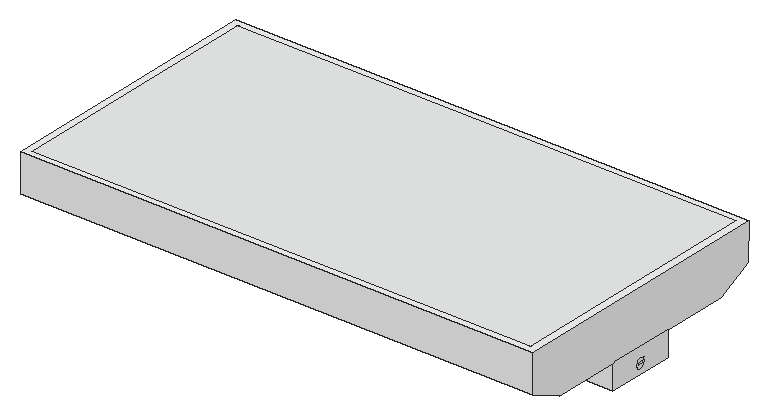
Revit family "CHB", category Lighting Fixtures, host Face, Revit 2014
Parameters (values of type "LX")
  Y = X - 5.080 mm  # 34.925 mm
  X = Box Width / 2  # 40.005 mm
  Width = 319.024 mm
  Wattage Comments = "87.7 W/132.6 W/172.7 W/211.9 W"  # constant formula
  Wattage = 168 W
  Warranty = "Five year warranty (Terms and Conditions Apply)"  # constant formula
  built-in parameter 1150110 = 1 (stored number, unit not read)
  Voltage [instance] = 120 V
  URL = "http://www.hubbellindustrial.com/"
  built-in parameter 1114217 = 1 (stored number, unit not read)
  Tilt Angle = -90.00°
  built-in parameter 1150109 = 1 (stored number, unit not read)
  built-in parameter 1150134 = 12
  built-in parameter 1150113 = 1 (stored number, unit not read)
  Reflector Finish = Hubbell - White Glass
  Product Page URL = "https://www.hubbell.com/hubbelllightingci/en/Products/Lighting-Controls/Industrial-Lighting/Linear-Lighting/CHB-Linear-High-Bay/p/2859555"
  Product Material = Paint - Hubbell - Matte White
  Product Documentation Link = "https://hubbellcdn.com/specsheet/COL_CHB_SPEC.pdf"
  Photometric Web File = "CHB2-40LX-FA-EDU.ies"
  Pendant Length [instance] = 1219.200 mm
  More Photometric Link = "https://www.hubbell.com/hubbelllightingci/en/Products/Lighting-Controls/Industrial-Lighting/Linear-Lighting/CHB-Linear-High-Bay/p/2859555#prod-detail-section"
  Model = "UHB2"  # constant formula
  Manufacturer = "Hubbell Industrial Lighting"  # constant formula
  built-in parameter 1150105 = 2272.7 (stored number, unit not read)
  Lumens = 28560 lm
  built-in parameter 1150115 = 1 (stored number, unit not read)
  Load Classification = Lighting
  built-in parameter 1150137 = (empty or 0)
  built-in parameter 1150139 = (empty or 0)
  Length = 605.028 mm
  built-in parameter 1150112 = 1 (stored number, unit not read)
  built-in parameter 1150114 = 1 (stored number, unit not read)
  Lamp = "LED"
  built-in parameter 1150132 = (empty or 0)
  built-in parameter 1150102 = (empty or 0)
  built-in parameter 1150107 = 4000 (stored number, unit not read)
  built-in parameter 1150138 = (empty or 0)
  built-in parameter 1150106 = 22.727 (stored number, unit not read)
  Height = 92.456 mm
  Features = "Lumen packages range from 11,000 to 27,000 lumens in a 2ft housing\r\n• Frosted acrylic lens\r\n• LED light engine provides nominal efficacies of 130 lm/w\r\n• 0-10V dimming to 10%\r\n• -20°C up to 50°C ambient operation; see table for details\r\n• Universal voltage standard (120-277V); 347V, 480V optional\r\n• 80+ CRI\r\n• 6kV surge protection\r\n• Long life LEDs with projected life over 122,000 hours at L70\r\n• DLC® (DesignLights Consortium) Premium Qualified - see www.designlights.org"  # constant formula
  Emit from Rectangle Width = Width  # 319.024 mm
  Emit from Rectangle Length = 604.520 mm  # constant formula
  Emit Shape Visible in Rendering = no
  built-in parameter 1150104 = 15.794 (stored number, unit not read)
  Dimming Lamp Color Temperature Shift = <None>
  Description = "2' LED High Bay"  # constant formula
  Default Elevation = 1219.200 mm
  Contact us = "https://www.hubbell.com/hubbelllightingci/en/contactUs?productId=2859555"
  Connector Description = "Lighting Connector"  # constant formula
  Color Filter = 16777215
  Certificate = "All luminaires are built to UL1598 standards, and bear appropriate cULus labels for damp\r\nlocation"  # constant formula
  Bracket material = Paint - Hubbell -  Black
  Box Width = 80.010 mm
  built-in parameter 1114218 = 1 (stored number, unit not read)
  built-in parameter 1150133 = 10 (stored number, unit not read)
  Apparent Load = 100 VA
Types (4, lengths in mm): name | Y | X | Width | Height | Emit from Rectangle Width | Box Width
  (no name) | 34.925 | 40.005 | 319.024 | 92.456 | 319.024 | 80.010
  LX | 34.925 | 40.005 | 319.024 | 92.456 | 319.024 | 80.010
  ML,MH | 69.977 | 75.057 | 319.024 | 101.346 | 319.024 | 150.114
  MV | 69.977 | 75.057 | 439.928 | 101.346 | 439.928 | 150.114
Reference planes
  plane 1 "Center (Front/Back)": y = 0
  plane 2: z = 0
  plane 3 "Center (Left/Right)": x = 0
  plane 4: y = 159.512
  plane 5: y = -159.512
  plane 6: x = 302.514
  plane 7: x = -302.514
  plane 8: z = 92.456
  plane 9: y = -40.005
  plane 10: y = 40.005
Forms (mm)
  Extrusion 1, solid, material "Paint - Hubbell - Matte White" <- "Product Material"
    sketch origin (0, 0, 92.456) x (0, 1, 0) y (0, 0, -1)
      loop
        line (159.512, 0) -> (159.512, 44.226) -> (118.659, 63.276) -> (-118.659, 63.276) -> (-159.512, 44.226) -> (-159.512, 0) -> (159.512, 0)
    from -302.514 to 302.514
  Extrusion 2, solid, material "Hubbell - White Glass" <- "Reflector Finish"
    sketch origin (0, 0, 29.18) x (1, 0, 0) y (0, 1, 0)
      loop
        line (-294.894, 151.892) -> (-294.894, -151.892) -> (294.894, -151.892) -> (294.894, 151.892) -> (-294.894, 151.892)
    from 63.276 to 63.5
  Extrusion 3, solid, material "Paint - Hubbell - Matte White" <- "Product Material"
    sketch origin (0, 0, 0) x (0, 1, 0) y (0, 0, 1)
      loop
        line (-40.005, 29.18) -> (-40.005, 0) -> (40.005, 0) -> (40.005, 29.18) -> (-40.005, 29.18)
    from -302.514 to 302.514
  Extrusion 4, void
    sketch origin (0, 0, 0) x (0, 1, 0) y (0, 0, 1)
      loop
        circle (0, 11.64) r 6.35
      loop
        line (-2.641, 12.846) -> (-2.641, 10.53) -> (2.652, 10.53) -> (2.652, 12.846) -> (-2.641, 12.846)
    from 302.26 to 304.8
  Extrusion 5, void
    sketch origin (0, 0, -15.875) x (1, 0, 0) y (0, 0, 1)
      loop
        circle (-219.788, 29.18) r 12.7
      loop
        arc (-185.407, 18.819) -> (-183.258, 16.67) -> (-181.109, 18.819) r 2.149
        line (-181.109, 18.819) -> (-181.109, 38.35)
        arc (-181.109, 38.35) -> (-183.258, 40.498) -> (-185.407, 38.35) r 2.149
        line (-185.407, 38.35) -> (-185.407, 18.819)
      loop
        arc (-177.349, 18.819) -> (-175.2, 16.67) -> (-173.051, 18.819) r 2.149
        line (-173.051, 18.819) -> (-173.051, 38.35)
        arc (-173.051, 38.35) -> (-175.2, 40.498) -> (-177.349, 38.35) r 2.149
        line (-177.349, 38.35) -> (-177.349, 18.819)
      loop
        arc (-169.174, 18.819) -> (-167.025, 16.67) -> (-164.876, 18.819) r 2.149
        line (-164.876, 18.819) -> (-164.876, 38.35)
        arc (-164.876, 38.35) -> (-167.025, 40.498) -> (-169.174, 38.35) r 2.149
        line (-169.174, 38.35) -> (-169.174, 18.819)
      loop
        arc (-161.116, 18.819) -> (-158.967, 16.67) -> (-156.818, 18.819) r 2.149
        line (-156.818, 18.819) -> (-156.818, 38.35)
        arc (-156.818, 38.35) -> (-158.967, 40.498) -> (-161.116, 38.35) r 2.149
        line (-161.116, 38.35) -> (-161.116, 18.819)
      loop
        arc (-153.009, 18.819) -> (-150.86, 16.67) -> (-148.712, 18.819) r 2.149
        line (-148.712, 18.819) -> (-148.712, 38.35)
        arc (-148.712, 38.35) -> (-150.86, 40.498) -> (-153.009, 38.35) r 2.149
        line (-153.009, 38.35) -> (-153.009, 18.819)
      loop
        arc (-144.951, 18.819) -> (-142.803, 16.67) -> (-140.654, 18.819) r 2.149
        line (-140.654, 18.819) -> (-140.654, 38.35)
        arc (-140.654, 38.35) -> (-142.803, 40.498) -> (-144.951, 38.35) r 2.149
        line (-144.951, 38.35) -> (-144.951, 18.819)
      loop
        arc (-117.758, 18.819) -> (-115.609, 16.67) -> (-113.46, 18.819) r 2.149
        line (-113.46, 18.819) -> (-113.46, 38.35)
        arc (-113.46, 38.35) -> (-115.609, 40.498) -> (-117.758, 38.35) r 2.149
        line (-117.758, 38.35) -> (-117.758, 18.819)
      loop
        arc (-109.7, 18.819) -> (-107.551, 16.67) -> (-105.402, 18.819) r 2.149
        line (-105.402, 18.819) -> (-105.402, 38.35)
        arc (-105.402, 38.35) -> (-107.551, 40.498) -> (-109.7, 38.35) r 2.149
        line (-109.7, 38.35) -> (-109.7, 18.819)
      loop
        arc (-101.525, 18.819) -> (-99.376, 16.67) -> (-97.227, 18.819) r 2.149
        line (-97.227, 18.819) -> (-97.227, 38.35)
        arc (-97.227, 38.35) -> (-99.376, 40.498) -> (-101.525, 38.35) r 2.149
        line (-101.525, 38.35) -> (-101.525, 18.819)
      loop
        arc (-93.467, 18.819) -> (-91.318, 16.67) -> (-89.17, 18.819) r 2.149
        line (-89.17, 18.819) -> (-89.17, 38.35)
        arc (-89.17, 38.35) -> (-91.318, 40.498) -> (-93.467, 38.35) r 2.149
        line (-93.467, 38.35) -> (-93.467, 18.819)
      loop
        arc (-85.36, 18.819) -> (-83.212, 16.67) -> (-81.063, 18.819) r 2.149
        line (-81.063, 18.819) -> (-81.063, 38.35)
        arc (-81.063, 38.35) -> (-83.212, 40.498) -> (-85.36, 38.35) r 2.149
        line (-85.36, 38.35) -> (-85.36, 18.819)
      loop
        arc (-77.303, 18.819) -> (-75.154, 16.67) -> (-73.005, 18.819) r 2.149
        line (-73.005, 18.819) -> (-73.005, 38.35)
        arc (-73.005, 38.35) -> (-75.154, 40.498) -> (-77.303, 38.35) r 2.149
        line (-77.303, 38.35) -> (-77.303, 18.819)
      loop
        circle (-28.682, 24.619) r 4.083
      loop
        circle (222.963, 29.18) r 12.7
      loop
        line (188.582, 18.819) -> (188.582, 38.35)
        arc (188.582, 38.35) -> (186.433, 40.498) -> (184.284, 38.35) r 2.149
        line (184.284, 38.35) -> (184.284, 18.819)
        arc (184.284, 18.819) -> (186.433, 16.67) -> (188.582, 18.819) r 2.149
      loop
        line (180.524, 18.819) -> (180.524, 38.35)
        arc (180.524, 38.35) -> (178.375, 40.498) -> (176.226, 38.35) r 2.149
        line (176.226, 38.35) -> (176.226, 18.819)
        arc (176.226, 18.819) -> (178.375, 16.67) -> (180.524, 18.819) r 2.149
      loop
        line (172.349, 18.819) -> (172.349, 38.35)
        arc (172.349, 38.35) -> (170.2, 40.498) -> (168.051, 38.35) r 2.149
        line (168.051, 38.35) -> (168.051, 18.819)
        arc (168.051, 18.819) -> (170.2, 16.67) -> (172.349, 18.819) r 2.149
      loop
        line (164.291, 18.819) -> (164.291, 38.35)
        arc (164.291, 38.35) -> (162.142, 40.498) -> (159.993, 38.35) r 2.149
        line (159.993, 38.35) -> (159.993, 18.819)
        arc (159.993, 18.819) -> (162.142, 16.67) -> (164.291, 18.819) r 2.149
      loop
        line (156.184, 18.819) -> (156.184, 38.35)
        arc (156.184, 38.35) -> (154.035, 40.498) -> (151.887, 38.35) r 2.149
        line (151.887, 38.35) -> (151.887, 18.819)
        arc (151.887, 18.819) -> (154.035, 16.67) -> (156.184, 18.819) r 2.149
      loop
        line (148.126, 18.819) -> (148.126, 38.35)
        arc (148.126, 38.35) -> (145.978, 40.498) -> (143.829, 38.35) r 2.149
        line (143.829, 38.35) -> (143.829, 18.819)
        arc (143.829, 18.819) -> (145.978, 16.67) -> (148.126, 18.819) r 2.149
      loop
        line (120.933, 18.819) -> (120.933, 38.35)
        arc (120.933, 38.35) -> (118.784, 40.498) -> (116.635, 38.35) r 2.149
        line (116.635, 38.35) -> (116.635, 18.819)
        arc (116.635, 18.819) -> (118.784, 16.67) -> (120.933, 18.819) r 2.149
      loop
        line (112.875, 18.819) -> (112.875, 38.35)
        arc (112.875, 38.35) -> (110.726, 40.498) -> (108.577, 38.35) r 2.149
        line (108.577, 38.35) -> (108.577, 18.819)
        arc (108.577, 18.819) -> (110.726, 16.67) -> (112.875, 18.819) r 2.149
      loop
        line (104.7, 18.819) -> (104.7, 38.35)
        arc (104.7, 38.35) -> (102.551, 40.498) -> (100.402, 38.35) r 2.149
        line (100.402, 38.35) -> (100.402, 18.819)
        arc (100.402, 18.819) -> (102.551, 16.67) -> (104.7, 18.819) r 2.149
      loop
        line (96.642, 18.819) -> (96.642, 38.35)
        arc (96.642, 38.35) -> (94.493, 40.498) -> (92.345, 38.35) r 2.149
        line (92.345, 38.35) -> (92.345, 18.819)
        arc (92.345, 18.819) -> (94.493, 16.67) -> (96.642, 18.819) r 2.149
      loop
        line (88.535, 18.819) -> (88.535, 38.35)
        arc (88.535, 38.35) -> (86.387, 40.498) -> (84.238, 38.35) r 2.149
        line (84.238, 38.35) -> (84.238, 18.819)
        arc (84.238, 18.819) -> (86.387, 16.67) -> (88.535, 18.819) r 2.149
      loop
        line (80.478, 18.819) -> (80.478, 38.35)
        arc (80.478, 38.35) -> (78.329, 40.498) -> (76.18, 38.35) r 2.149
        line (76.18, 38.35) -> (76.18, 18.819)
        arc (76.18, 18.819) -> (78.329, 16.67) -> (80.478, 18.819) r 2.149
      loop
        circle (31.857, 24.619) r 4.083
      loop
        circle (257.094, 29.18) r 12.7
      loop
        line (219.261, 31.31) -> (219.261, 26.015) -> (228.272, 26.015) -> (228.272, 31.31) -> (219.261, 31.31)
      loop
        line (253.262, 31.31) -> (253.262, 26.015) -> (261.623, 26.015) -> (261.623, 31.31) -> (253.262, 31.31)
      loop
        line (-223.639, 29.18) -> (-223.639, 26.608) -> (-215.627, 26.608) -> (-215.627, 29.18) -> (-223.639, 29.18)
    from 34.925 <- "Y" to 40.005 <- "X"
  Extrusion 6, void
    sketch origin (0, 0, -15.875) x (1, 0, 0) y (0, 0, -1)
      loop
        circle (-219.788, -29.18) r 12.7
      loop
        line (-185.407, -18.819) -> (-185.407, -38.35)
        arc (-185.407, -38.35) -> (-183.258, -40.498) -> (-181.109, -38.35) r 2.149
        line (-181.109, -38.35) -> (-181.109, -18.819)
        arc (-181.109, -18.819) -> (-183.258, -16.67) -> (-185.407, -18.819) r 2.149
      loop
        line (-177.349, -18.819) -> (-177.349, -38.35)
        arc (-177.349, -38.35) -> (-175.2, -40.498) -> (-173.051, -38.35) r 2.149
        line (-173.051, -38.35) -> (-173.051, -18.819)
        arc (-173.051, -18.819) -> (-175.2, -16.67) -> (-177.349, -18.819) r 2.149
      loop
        line (-169.174, -18.819) -> (-169.174, -38.35)
        arc (-169.174, -38.35) -> (-167.025, -40.498) -> (-164.876, -38.35) r 2.149
        line (-164.876, -38.35) -> (-164.876, -18.819)
        arc (-164.876, -18.819) -> (-167.025, -16.67) -> (-169.174, -18.819) r 2.149
      loop
        line (-161.116, -18.819) -> (-161.116, -38.35)
        arc (-161.116, -38.35) -> (-158.967, -40.498) -> (-156.818, -38.35) r 2.149
        line (-156.818, -38.35) -> (-156.818, -18.819)
        arc (-156.818, -18.819) -> (-158.967, -16.67) -> (-161.116, -18.819) r 2.149
      loop
        line (-153.009, -18.819) -> (-153.009, -38.35)
        arc (-153.009, -38.35) -> (-150.86, -40.498) -> (-148.712, -38.35) r 2.149
        line (-148.712, -38.35) -> (-148.712, -18.819)
        arc (-148.712, -18.819) -> (-150.86, -16.67) -> (-153.009, -18.819) r 2.149
      loop
        line (-144.951, -18.819) -> (-144.951, -38.35)
        arc (-144.951, -38.35) -> (-142.803, -40.498) -> (-140.654, -38.35) r 2.149
        line (-140.654, -38.35) -> (-140.654, -18.819)
        arc (-140.654, -18.819) -> (-142.803, -16.67) -> (-144.951, -18.819) r 2.149
      loop
        line (-117.758, -18.819) -> (-117.758, -38.35)
        arc (-117.758, -38.35) -> (-115.609, -40.498) -> (-113.46, -38.35) r 2.149
        line (-113.46, -38.35) -> (-113.46, -18.819)
        arc (-113.46, -18.819) -> (-115.609, -16.67) -> (-117.758, -18.819) r 2.149
      loop
        line (-109.7, -18.819) -> (-109.7, -38.35)
        arc (-109.7, -38.35) -> (-107.551, -40.498) -> (-105.402, -38.35) r 2.149
        line (-105.402, -38.35) -> (-105.402, -18.819)
        arc (-105.402, -18.819) -> (-107.551, -16.67) -> (-109.7, -18.819) r 2.149
      loop
        line (-101.525, -18.819) -> (-101.525, -38.35)
        arc (-101.525, -38.35) -> (-99.376, -40.498) -> (-97.227, -38.35) r 2.149
        line (-97.227, -38.35) -> (-97.227, -18.819)
        arc (-97.227, -18.819) -> (-99.376, -16.67) -> (-101.525, -18.819) r 2.149
      loop
        line (-93.467, -18.819) -> (-93.467, -38.35)
        arc (-93.467, -38.35) -> (-91.318, -40.498) -> (-89.17, -38.35) r 2.149
        line (-89.17, -38.35) -> (-89.17, -18.819)
        arc (-89.17, -18.819) -> (-91.318, -16.67) -> (-93.467, -18.819) r 2.149
      loop
        line (-85.36, -18.819) -> (-85.36, -38.35)
        arc (-85.36, -38.35) -> (-83.212, -40.498) -> (-81.063, -38.35) r 2.149
        line (-81.063, -38.35) -> (-81.063, -18.819)
        arc (-81.063, -18.819) -> (-83.212, -16.67) -> (-85.36, -18.819) r 2.149
      loop
        line (-77.303, -18.819) -> (-77.303, -38.35)
        arc (-77.303, -38.35) -> (-75.154, -40.498) -> (-73.005, -38.35) r 2.149
        line (-73.005, -38.35) -> (-73.005, -18.819)
        arc (-73.005, -18.819) -> (-75.154, -16.67) -> (-77.303, -18.819) r 2.149
      loop
        circle (-28.682, -24.619) r 4.083
      loop
        circle (222.963, -29.18) r 12.7
      loop
        arc (188.582, -18.819) -> (186.433, -16.67) -> (184.284, -18.819) r 2.149
        line (184.284, -18.819) -> (184.284, -38.35)
        arc (184.284, -38.35) -> (186.433, -40.498) -> (188.582, -38.35) r 2.149
        line (188.582, -38.35) -> (188.582, -18.819)
      loop
        arc (180.524, -18.819) -> (178.375, -16.67) -> (176.226, -18.819) r 2.149
        line (176.226, -18.819) -> (176.226, -38.35)
        arc (176.226, -38.35) -> (178.375, -40.498) -> (180.524, -38.35) r 2.149
        line (180.524, -38.35) -> (180.524, -18.819)
      loop
        arc (172.349, -18.819) -> (170.2, -16.67) -> (168.051, -18.819) r 2.149
        line (168.051, -18.819) -> (168.051, -38.35)
        arc (168.051, -38.35) -> (170.2, -40.498) -> (172.349, -38.35) r 2.149
        line (172.349, -38.35) -> (172.349, -18.819)
      loop
        arc (164.291, -18.819) -> (162.142, -16.67) -> (159.993, -18.819) r 2.149
        line (159.993, -18.819) -> (159.993, -38.35)
        arc (159.993, -38.35) -> (162.142, -40.498) -> (164.291, -38.35) r 2.149
        line (164.291, -38.35) -> (164.291, -18.819)
      loop
        arc (156.184, -18.819) -> (154.035, -16.67) -> (151.887, -18.819) r 2.149
        line (151.887, -18.819) -> (151.887, -38.35)
        arc (151.887, -38.35) -> (154.035, -40.498) -> (156.184, -38.35) r 2.149
        line (156.184, -38.35) -> (156.184, -18.819)
      loop
        arc (148.126, -18.819) -> (145.978, -16.67) -> (143.829, -18.819) r 2.149
        line (143.829, -18.819) -> (143.829, -38.35)
        arc (143.829, -38.35) -> (145.978, -40.498) -> (148.126, -38.35) r 2.149
        line (148.126, -38.35) -> (148.126, -18.819)
      loop
        arc (120.933, -18.819) -> (118.784, -16.67) -> (116.635, -18.819) r 2.149
        line (116.635, -18.819) -> (116.635, -38.35)
        arc (116.635, -38.35) -> (118.784, -40.498) -> (120.933, -38.35) r 2.149
        line (120.933, -38.35) -> (120.933, -18.819)
      loop
        arc (112.875, -18.819) -> (110.726, -16.67) -> (108.577, -18.819) r 2.149
        line (108.577, -18.819) -> (108.577, -38.35)
        arc (108.577, -38.35) -> (110.726, -40.498) -> (112.875, -38.35) r 2.149
        line (112.875, -38.35) -> (112.875, -18.819)
      loop
        arc (104.7, -18.819) -> (102.551, -16.67) -> (100.402, -18.819) r 2.149
        line (100.402, -18.819) -> (100.402, -38.35)
        arc (100.402, -38.35) -> (102.551, -40.498) -> (104.7, -38.35) r 2.149
        line (104.7, -38.35) -> (104.7, -18.819)
      loop
        arc (96.642, -18.819) -> (94.493, -16.67) -> (92.345, -18.819) r 2.149
        line (92.345, -18.819) -> (92.345, -38.35)
        arc (92.345, -38.35) -> (94.493, -40.498) -> (96.642, -38.35) r 2.149
        line (96.642, -38.35) -> (96.642, -18.819)
      loop
        arc (88.535, -18.819) -> (86.387, -16.67) -> (84.238, -18.819) r 2.149
        line (84.238, -18.819) -> (84.238, -38.35)
        arc (84.238, -38.35) -> (86.387, -40.498) -> (88.535, -38.35) r 2.149
        line (88.535, -38.35) -> (88.535, -18.819)
      loop
        arc (80.478, -18.819) -> (78.329, -16.67) -> (76.18, -18.819) r 2.149
        line (76.18, -18.819) -> (76.18, -38.35)
        arc (76.18, -38.35) -> (78.329, -40.498) -> (80.478, -38.35) r 2.149
        line (80.478, -38.35) -> (80.478, -18.819)
      loop
        circle (31.857, -24.619) r 4.083
      loop
        circle (257.094, -29.18) r 12.7
      loop
        line (219.261, -31.31) -> (228.272, -31.31) -> (228.272, -26.015) -> (219.261, -26.015) -> (219.261, -31.31)
      loop
        line (253.262, -31.31) -> (261.623, -31.31) -> (261.623, -26.015) -> (253.262, -26.015) -> (253.262, -31.31)
      loop
        line (-223.639, -29.18) -> (-215.627, -29.18) -> (-215.627, -26.608) -> (-223.639, -26.608) -> (-223.639, -29.18)
    from 34.925 <- "Y" to 40.005 <- "X"
  Extrusion 7, void
    sketch origin (0, 0, 0) x (0, 1, 0) y (0, 0, -1)
      loop
        circle (0, -11.64) r 6.35
      loop
        line (-2.641, -12.846) -> (2.652, -12.846) -> (2.652, -10.53) -> (-2.641, -10.53) -> (-2.641, -12.846)
    from 302.26 to 304.8
Cuts and joins
  Extrusion 4, Extrusion 5, Extrusion 6, Extrusion 7 cuts Extrusion 3
  Extrusion 5 cuts Extrusion 1
Dimensions and locks
  equal spacing: plane 5, plane 1 "Center (Front/Back)", plane 4
  "Width": plane 5 to plane 4
  "Length": plane 7 to plane 6
  equal spacing: plane 7, plane 3 "Center (Left/Right)", plane 6
  "Height": plane 8 to plane 2
  "Box Width": plane 9 to plane 10
  equal spacing: plane 9, plane 1 "Center (Front/Back)", plane 10
  locked: Extrusion 2 to Extrusion 1 sketch curve at 63.5
  aligned and locked: host face to plane 2
  aligned and locked: level to host face
  aligned and locked: plane 3 "Center (Left/Right)" to imposter light
  aligned and locked: imposter light to plane 1 "Center (Front/Back)"
  aligned and locked: Extrusion 1 to Extrusion 3 sketch curve
  aligned and locked: Extrusion 3 sketch curve to plane 9
  aligned and locked: plane 2 to Extrusion 3 sketch curve
  aligned and locked: plane 10 to Extrusion 3 sketch curve
  aligned and locked: plane 5 to Extrusion 1 sketch curve
  aligned and locked: plane 8 to Extrusion 1 sketch curve
  aligned and locked: Extrusion 1 sketch curve to plane 4
  aligned and locked: plane 1 "Center (Front/Back)" to Extrusion 4 sketch curve
  aligned and locked: Extrusion 1 to Extrusion 3
  aligned and locked: Extrusion 1 to cut or joined group of Extrusion 3, Extrusion 4, Extrusion 5, Extrusion 6, Extrusion 7
  aligned and locked: cut or joined group of Extrusion 3, Extrusion 4, Extrusion 5, Extrusion 6, Extrusion 7 to Extrusion 5
Automatic sketch dimensions
  host sketch curve to host sketch curve = 2438.400 mm  (x2)
  Extrusion 1 sketch curve to plane 5 = 40.853 mm
  plane 4 to Extrusion 1 sketch curve = 40.853 mm
  Extrusion 1 sketch curve to plane 8 = 44.226 mm  (x2)
  plane 7 to Extrusion 2 sketch curve = 7.620 mm
  Extrusion 2 sketch curve to plane 6 = 7.620 mm
  Extrusion 2 sketch curve to plane 5 = 7.620 mm
  plane 4 to Extrusion 2 sketch curve = 7.620 mm
  plane 1 "Center (Front/Back)" to Extrusion 4 sketch curve = 2.641 mm
  Extrusion 4 sketch curve to plane 1 "Center (Front/Back)" = 2.652 mm
  level to Extrusion 4 sketch curve = 10.530 mm
  Extrusion 4 sketch curve to Extrusion 4 sketch curve = 1.110 mm
  Extrusion 4 sketch curve to Extrusion 4 sketch curve = 2.316 mm
  level to Extrusion 5 sketch curve = 13.305 mm
  plane 7 to Extrusion 5 sketch curve = 78.875 mm
  Extrusion 5 sketch curve to Extrusion 5 sketch curve = 3.852 mm
  Extrusion 5 sketch curve to Extrusion 5 sketch curve = 4.161 mm
  Extrusion 5 sketch curve to Extrusion 5 sketch curve = 30.220 mm
  Extrusion 5 sketch curve to Extrusion 5 sketch curve = 2.149 mm  (x24)
  Extrusion 5 sketch curve to Extrusion 5 sketch curve = 3.760 mm  (x12)
  Extrusion 5 sketch curve to Extrusion 5 sketch curve = 3.877 mm  (x4)
  Extrusion 5 sketch curve to Extrusion 5 sketch curve = 3.809 mm  (x4)
  level to Extrusion 5 sketch curve = 2.944 mm  (x24)
  Extrusion 5 sketch curve to Extrusion 5 sketch curve = 22.896 mm  (x2)
  level to Extrusion 5 sketch curve = 8.744 mm  (x2)
  Extrusion 5 sketch curve to plane 3 "Center (Left/Right)" = 28.682 mm
  plane 3 "Center (Left/Right)" to Extrusion 5 sketch curve = 31.857 mm
  Extrusion 5 sketch curve to Extrusion 5 sketch curve = 44.323 mm
  level to Extrusion 5 sketch curve = 15.435 mm
  Extrusion 5 sketch curve to Extrusion 5 sketch curve = 30.679 mm
  Extrusion 5 sketch curve to Extrusion 5 sketch curve = 3.702 mm
  Extrusion 5 sketch curve to Extrusion 5 sketch curve = 5.309 mm
  Extrusion 5 sketch curve to Extrusion 5 sketch curve = 24.990 mm
  Extrusion 5 sketch curve to Extrusion 5 sketch curve = 3.832 mm
  Extrusion 5 sketch curve to Extrusion 5 sketch curve = 4.529 mm
  level to Extrusion 5 sketch curve = 10.140 mm
  Extrusion 5 sketch curve to Extrusion 5 sketch curve = 5.295 mm
  Extrusion 5 sketch curve to Extrusion 5 sketch curve = 2.572 mm
  Extrusion 5 sketch curve to Extrusion 5 sketch curve = 2.130 mm  (x2)
  Extrusion 5 sketch curve to Extrusion 5 sketch curve = 3.165 mm
  Extrusion 5 sketch curve to Extrusion 5 sketch curve = 0.000 mm  (x20)
  Extrusion 5 sketch curve to Extrusion 5 sketch curve = 19.531 mm  (x5)
  level to Extrusion 6 sketch curve = 13.305 mm
  plane 7 to Extrusion 6 sketch curve = 78.875 mm
  Extrusion 6 sketch curve to Extrusion 6 sketch curve = 3.852 mm
  Extrusion 6 sketch curve to Extrusion 6 sketch curve = 4.161 mm
  Extrusion 6 sketch curve to Extrusion 6 sketch curve = 30.220 mm
  Extrusion 6 sketch curve to Extrusion 6 sketch curve = 2.149 mm  (x24)
  Extrusion 6 sketch curve to Extrusion 6 sketch curve = 3.760 mm  (x12)
  Extrusion 6 sketch curve to Extrusion 6 sketch curve = 3.877 mm  (x4)
  Extrusion 6 sketch curve to Extrusion 6 sketch curve = 3.809 mm  (x4)
  level to Extrusion 6 sketch curve = 2.944 mm  (x24)
  Extrusion 6 sketch curve to Extrusion 6 sketch curve = 22.896 mm  (x2)
  level to Extrusion 6 sketch curve = 8.744 mm  (x2)
  Extrusion 6 sketch curve to plane 3 "Center (Left/Right)" = 28.682 mm
  plane 3 "Center (Left/Right)" to Extrusion 6 sketch curve = 31.857 mm
  Extrusion 6 sketch curve to Extrusion 6 sketch curve = 44.323 mm
  level to Extrusion 6 sketch curve = 15.435 mm  (x2)
  Extrusion 6 sketch curve to Extrusion 6 sketch curve = 30.679 mm
  Extrusion 6 sketch curve to Extrusion 6 sketch curve = 3.702 mm
  Extrusion 6 sketch curve to Extrusion 6 sketch curve = 5.309 mm
  Extrusion 6 sketch curve to Extrusion 6 sketch curve = 24.990 mm
  Extrusion 6 sketch curve to Extrusion 6 sketch curve = 3.832 mm
  Extrusion 6 sketch curve to Extrusion 6 sketch curve = 4.529 mm
  level to Extrusion 6 sketch curve = 22.475 mm  (x4)
  Extrusion 6 sketch curve to Extrusion 6 sketch curve = 0.000 mm  (x21)
  Extrusion 6 sketch curve to Extrusion 6 sketch curve = 2.130 mm  (x2)
  Extrusion 6 sketch curve to Extrusion 6 sketch curve = 2.572 mm
  Extrusion 6 sketch curve to Extrusion 6 sketch curve = 5.295 mm  (x2)
  Extrusion 7 sketch curve to plane 1 "Center (Front/Back)" = 0.000 mm
  plane 1 "Center (Front/Back)" to Extrusion 7 sketch curve = 2.641 mm
  Extrusion 7 sketch curve to plane 1 "Center (Front/Back)" = 2.652 mm
  level to Extrusion 7 sketch curve = 12.846 mm
  Extrusion 7 sketch curve to Extrusion 7 sketch curve = 1.206 mm
  Extrusion 7 sketch curve to Extrusion 7 sketch curve = 2.316 mm
  radius of Extrusion 4 sketch curve = 6.350 mm
  radius of Extrusion 5 sketch curve = 12.700 mm  (x3)
  radius of Extrusion 5 sketch curve = 4.083 mm  (x2)
  radius of Extrusion 6 sketch curve = 12.700 mm  (x3)
  radius of Extrusion 6 sketch curve = 4.083 mm  (x2)
  radius of Extrusion 7 sketch curve = 6.350 mm
Connectors
  electrical at (0, 0, 0)
    settings: on cut or joined group of Extrusion 3, Extrusion 4, Extrusion 5, Extrusion 6, Extrusion 7, index 1, voltage 120 V, apparent load 100 VA, apparent load phase1 0 VA, apparent load phase2 0 VA, apparent load phase3 0 VA, power factor 0.95, load classification "Lighting", number of poles 1, system type 30, power factor state 1, is connector primary yes, connector utility no, sub classification motor no, connector description "Lighting Connector"
